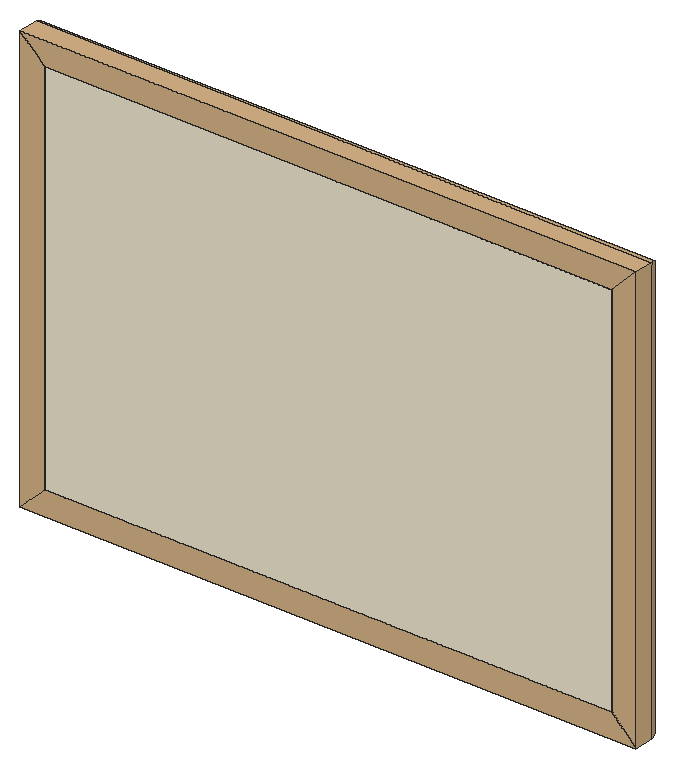
Revit family "Generic_Models_Picture_Frame", category Generic Models, host Wall, Revit 2014
Parameters (values of type "900x600mm")
  Keynote = "N"
  Material Frame = Wood - Birch
  Height [instance] = 600 mm
  Mounting Height = 1800 mm
  Width [instance] = 900 mm
Reference planes
  plane 1: y = 0
  plane 2 "Center (Left/Right)": x = 0
  plane 3: x = -450
  plane 4: x = 450
  plane 5 "Top": z = 1800
  plane 6 "Bottom": z = 1200
  plane 7: y = 101.6
Forms (mm)
  Extrusion 1, solid, material "Backer"
    sketch origin (-1524, 76.2, 0) x (-1, 0, 0) y (0, 0, 1)
      loop
        line (-1974, 1800) -> (-1974, 1200) -> (-1074, 1200) -> (-1074, 1800) -> (-1974, 1800)
    from 0 to 25.4
  Sweep 2, solid, material "Wood - Birch" <- "Material Frame"
    path origin (-1524, 76.2, 0) x (-1, 0, 0) y (0, 0, 1)
      loop
        line (-1974, 1800) -> (-1974, 1200) -> (-1074, 1200) -> (-1074, 1800) -> (-1974, 1800)
    profile origin (0, 76.2, 0) x (0, 0, 1) y (0, 1, 0)
      loop
        line (1800, 0) -> (1838.1, 0) -> (1838.1, 31.75)
        arc (1838.1, 31.75) -> (1834.38, 40.73) -> (1825.4, 44.45) r 12.7
        line (1825.4, 44.45) -> (1793.65, 44.45)
        arc (1793.65, 44.45) -> (1784.67, 40.73) -> (1780.95, 31.75) r 12.7
        line (1780.95, 31.75) -> (1780.95, 25.4) -> (1800, 25.4) -> (1800, 0)
Text (mm)
  text "Placement Side" at (0, 1019.848, 3124.603), in view "Right"
  text "Placement Side" at (-1211.738, 528.333, 0), in view "Ref. Level"
  text "Placement Side" at (0, 1206.291, 2300.497), in view "Left"
Dimensions and locks
  "Width": plane 3 to plane 4
  equal spacing: plane 3, plane 2 "Center (Left/Right)", plane 4
  "Height": plane 6 "Bottom" to plane 5 "Top"
  "Mounting Height": level to plane 5 "Top"
  host wall to plane 7 = 25.4 mm
  aligned and locked: plane 6 "Bottom" to Extrusion 1 sketch curve
  aligned and locked: Extrusion 1 sketch curve to plane 4
  aligned and locked: plane 5 "Top" to Extrusion 1 sketch curve
  aligned and locked: Extrusion 1 to plane 7
  aligned and locked: plane 5 "Top" to Sweep 2 sketch curve
  aligned and locked: plane 3 to Sweep 2 sketch curve
  aligned and locked: Sweep 2 sketch curve to plane 6 "Bottom"
  aligned and locked: Sweep 2 sketch curve to plane 4
  aligned and locked: Sweep 2 sketch curve to host wall
Automatic sketch dimensions
  Extrusion 1 sketch curve to plane 3 = 0 mm
  Sweep 2 sketch curve to profile plane = 0 mm
  profile plane to Sweep 2 sketch curve = 6.35 mm
  Sweep 2 sketch curve to Sweep 2 sketch curve = 12.7 mm  (x2)
  Sweep 2 sketch curve to profile plane = 25.4 mm
  Sweep 2 sketch curve to Sweep 2 sketch curve = 25.4 mm
  Sweep 2 sketch curve to Sweep 2 sketch curve = 6.35 mm
